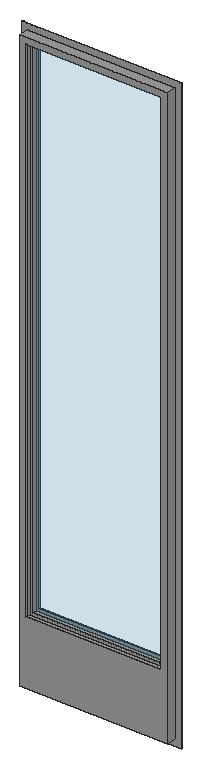
Revit family "Window_TypeD", category Windows, host Wall, Revit 2019
Family settings
  Host = Wall
  OmniClass Number = 23.30.20.00
  OmniClass Title = Windows
  Always vertical = Yes
  Cut with Voids When Loaded = No
  Shared = No
  Room Calculation Point = No
Parameters (values of type "2'-0" x 8'-0"")
  Vent Sq. Ft. [instance] = 0
  Uo Value [instance] = 0
  SHGC = 0
  Rough Width = Width + 0' 0 1/2"  # 2' - 0 1/2"
  Rough Height = Height + 0' 0 1/2"  # 7' - 11"
  NOTES = "Stop w/Fastenes on Outside of Cell; Mount w/Stud Anchors"
  Light Sq. Ft. [instance] = 0
  JAMB STUD = ""
  JACK STUD = ""
  Height = 7' - 10 1/2"
  HEADER = ""
  GLAZING = "1/2\" Clear Polycarbonate, Single Glazed"
  Description = "16ga Hollow Metal Frame w/Welded Corners & Stud Anchors"
  Default Sill Height = 0' - 0"
  Wall Closure = By host
  Width = 2' - 0"
  COVERINGS = "None"
  Analytic Construction = "<None>"
Reference planes (in)
  plane 1 "Center (Front/Back)": y = 0
  plane 2: z = 0
  plane 3 "Center (Left/Right)": x = 0
  plane 4 "Left": x = -12
  plane 5 "Right": x = 12
  plane 6 "Sill": z = 0
  plane 7 "Top": z = 94.5
  plane 8 "Exterior": y = 3
  plane 9: x = -11.4375
  plane 10: x = 11.4375
  plane 11: z = 93.9375
  plane 12: z = 0.5625
  plane 13 "glass inner": y = 1.8125
  plane 14 "glass outer": y = 3.3125
  plane 15: x = 11
  plane 16: x = -11
  plane 17: x = -12.75
  plane 18: x = 12.75
  plane 19: y = 1.5
Forms (in)
  Sweep 1, solid, material "Default"
    path origin (0, 3, 0) x (-1, 0, 0) y (0, 0, 1)
      loop
        line (-12, 94.5) -> (-12, -0.5) -> (12, -0.5) -> (12, 94.5) -> (-12, 94.5)
    profile "Window- outer frame : Window- outer frame" origin (0, 3, 94.5) x (0, 0, 1) y (0, 1, 0)
      loop
        line (0, 0) -> (1, 0) -> (1, 0.0625) -> (0, 0.0625) -> (0, 1.25) -> (-1, 1.25) -> (-1, 1.0625) -> (-0.5, 1.0625) -> (-0.5, 0.3125) -> (-1, 0.3125) -> (-1, -0.1875) -> (-0.5, -0.1875) -> (-0.5, -1.4375) -> (-1, -1.4375) -> (-1, -1.625) -> (0, -1.625) -> (0, 0)
  Extrusion 2, solid
    sketch origin (0, 3.3125, 0) x (-1, 0, 0) y (0, 0, 1)
      loop
        line (-11.5, 94) -> (-11.5, 9.4375) -> (11.5, 9.4375) -> (11.5, 94) -> (-11.5, 94)
    from 0 to 0.75
  Sweep 3, solid, material "Default"
    path origin (0, 3, -95.5) x (-1, 0, 0) y (0, 0, 1)
      loop
        line (-12, 95) -> (12, 95)
    profile origin (0, 3, -0.5) x (0, 0, 1) y (0, 1, 0)
      loop
        line (10.4375, 1.25) -> (0, 1.25) -> (0, -1.625) -> (10.4375, -1.625) -> (10.4375, -1.4375) -> (9.9375, -1.4375) -> (9.9375, -0.1875) -> (10.4375, -0.1875) -> (10.4375, 0.3125) -> (9.9375, 0.3125) -> (9.9375, 1.0625) -> (10.4375, 1.0625) -> (10.4375, 1.25)
Cuts and joins
  joined: Sweep 1, Sweep 3
Lines and regions (in)
  Opening 1
    outline origin (-60, -3, 0) x (1, 0, 0) y (0, 0, 1)
      loop
        line (48, 94.5) -> (48, 0) -> (72, 0) -> (72, 94.5) -> (48, 94.5)
  Masking region 1
    outline origin (0, 0, 0) x (0, -1, 0) y (1, 0, 0)
      loop
        line (-3, -12) -> (3, -12) -> (3, 12) -> (-3, 12) -> (-3, 12.75) -> (-4.25, 12.75) -> (-4.25, -12.75) -> (-3, -12.75) -> (-3, -12)
  symbolic lines, style "WindowsOpeningProjection"
    curve 1: line (12, 3, 0) -> (11, 3, 0)
    curve 2: line (11, 3, 0) -> (11, 1.5, 0)
    curve 3: line (11, 1.5, 0) -> (12, 1.5, 0)
    curve 4: line (-12, 3, 0) -> (-11, 3, 0)
    curve 5: line (-11, 3, 0) -> (-11, 1.5, 0)
    curve 6: line (-11, 1.5, 0) -> (-12, 1.5, 0)
    curve 7: line (-11, 2.25, 0) -> (11, 2.25, 0)
Text (in)
  text "EXTERIOR" at (-58.6888, 50.90694, 0), in view "Ref. Level"
  text "INTERIOR" at (-58.6888, -37.76638, 0), in view "Ref. Level"
  text "Exterior" at (0, 43.65631, 123.19604), in view "Left"
  text "Exterior" at (0, 18.29385, 125.04747), in view "Right"
Dimensions and locks (in)
  equal spacing: plane 4 "Left", plane 3 "Center (Left/Right)", plane 5 "Right"
  "Width": plane 4 "Left" to plane 5 "Right"
  "Height": plane 6 "Sill" to plane 7 "Top"
  "Default Sill Height": plane 2 to plane 6 "Sill"
  locked: plane 4 "Left" to plane 9 at 0.5625
  locked: plane 10 to plane 5 "Right" at 0.5625
  locked: plane 6 "Sill" to plane 12 at 0.5625
  locked: plane 11 to plane 7 "Top" at 0.5625
  locked: plane 8 "Exterior" to plane 13 "glass inner" at 1.1875
  locked: plane 14 "glass outer" to plane 8 "Exterior" at 0.3125
  locked: plane 4 "Left" to plane 16 at 1
  locked: plane 15 to plane 5 "Right" at 1
  plane 6 "Sill" to plane 7 "Top" = 7' - 10 1/2"
  locked: plane 17 to plane 4 "Left" at 0.75
  locked: plane 5 "Right" to plane 18 at 0.75
  locked: plane 8 "Exterior" to plane 19 at 1.5
  aligned and locked: plane 7 "Top" to Opening 1 sketch curve
  aligned and locked: plane 6 "Sill" to Opening 1 sketch curve  (x2)
  aligned and locked: plane 5 "Right" to Opening 1 sketch curve
  aligned and locked: plane 4 "Left" to Opening 1 sketch curve
  aligned and locked: level to plane 2
  aligned and locked: host wall to plane 8 "Exterior"
  aligned and locked: Extrusion 2 sketch curve to Sweep 1
  aligned and locked: Masking region 1 sketch curve to Sweep 1
  aligned and locked: Extrusion 2 to cut or joined group of Sweep 1, Sweep 3
Automatic sketch dimensions
  plane 5 "Right" to Sweep 1 sketch curve = 0' - 0"
  plane 4 "Left" to Sweep 1 sketch curve = 0' - 0"
  Sweep 1 sketch curve to plane 7 "Top" = 0' - 0"
  Sweep 1 sketch curve to level = 0' - 0 1/2"
  curve 1 to host wall = 0' - 0"
  curve 5 to host wall = 0' - 0"
  curve 7 to plane 16 = 0' - 0"
  curve 7 to plane 15 = 0' - 0"
  curve 5 to plane 19 = 0' - 0"
  curve 2 to plane 19 = 0' - 0"
  curve 4 to plane 4 "Left" = 0' - 0"
  curve 6 to plane 4 "Left" = 0' - 0"
  curve 1 to plane 5 "Right" = 0' - 0"
  curve 3 to plane 5 "Right" = 0' - 0"
  plane 13 "glass inner" to curve 7 = 0' - 0 7/16"
  Masking region 1 sketch curve to host wall = 0' - 0"  (x2)
  host wall to Masking region 1 sketch curve = 0' - 0"
  Masking region 1 sketch curve to plane 17 = 0' - 0"
  Masking region 1 sketch curve to plane 4 "Left" = 0' - 0"
  Masking region 1 sketch curve to plane 5 "Right" = 0' - 0"
  Masking region 1 sketch curve to plane 18 = 0' - 0"
  plane 5 "Right" to Sweep 3 sketch curve = 0' - 0"
  plane 4 "Left" to Sweep 3 sketch curve = 0' - 0"
  Sweep 3 sketch curve to level = 0' - 0 1/2"
  profile plane to Sweep 3 sketch curve = 0' - 0"
  plane 8 "Exterior" to Sweep 3 sketch curve = 0' - 0 5/16"
  Sweep 3 sketch curve to profile plane = 0' - 9 15/16"
  Sweep 3 sketch curve to Sweep 3 sketch curve = 0' - 0"
  Sweep 3 sketch curve to Sweep 3 sketch curve = 0' - 0 1/2"  (x3)
  Sweep 3 sketch curve to plane 8 "Exterior" = 0' - 0 3/16"
  Sweep 3 sketch curve to Sweep 3 sketch curve = 0' - 1 1/4"
  Sweep 3 sketch curve to plane 8 "Exterior" = 0' - 1 5/8"
  Sweep 3 sketch curve to Sweep 3 sketch curve = 0' - 0 3/4"
  Sweep 3 sketch curve to Sweep 3 sketch curve = 0' - 0 3/16"
  Extrusion 2 sketch curve to plane 10 = 0' - 0 1/16"
  Extrusion 2 sketch curve to plane 12 = 0' - 8 7/8"
  Extrusion 2 sketch curve to plane 11 = 0' - 0 1/16"
